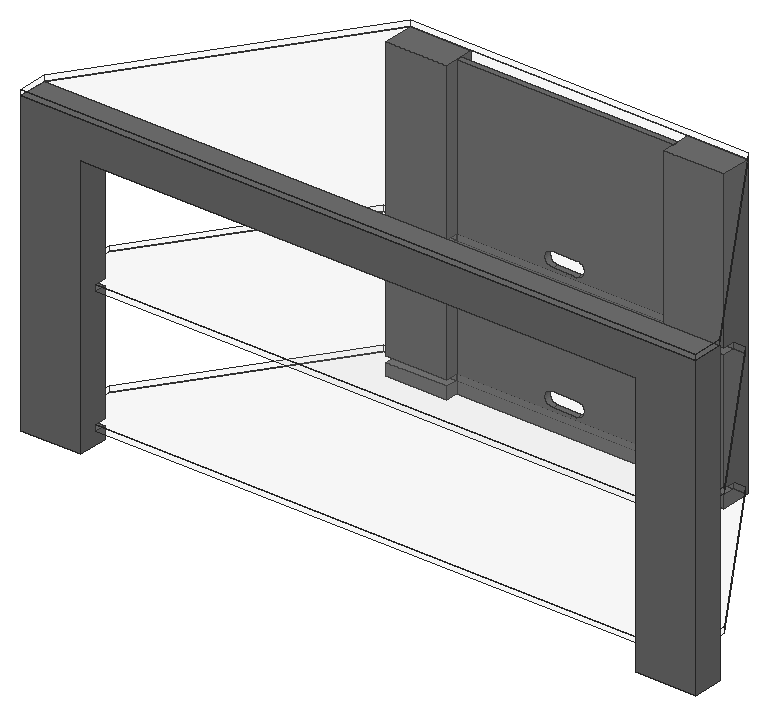
Revit family "revit-docs-family", category Furniture, Revit 2020
Family settings
  Work Plane-Based = No
  Always vertical = Yes
  Cut with Voids When Loaded = No
  Shared = No
  Room Calculation Point = No
Parameters
  Depth = 18"
  Width = 44"
  Height = 19 1/2"
  Finish = Melamine - Gray
  Default Elevation = 0"
Reference planes (in)
  plane 1 "Center (Front/Back)": y = 0
  plane 2: z = 0
  plane 3 "Center (Left/Right)": x = 4.92866
  plane 4: y = -18
  plane 5: x = -6.07134
  plane 6: x = 15.92866
  plane 7: x = -17.07134
  plane 8: x = 26.92866
  plane 9: z = 19.5
  plane 10: z = 8.9626
  plane 11: z = 0.7874
  plane 12: z = 17.1378
Forms (in)
  Extrusion 1, solid, material "Melamine - Gray" <- "Finish"
    sketch origin (58.50499, -18, 47.24409) x (1, 0, 0) y (0, 0, 1)
      loop
        line (-71.63932, -47.24409) -> (-71.63932, -30.1063) -> (-35.51334, -30.1063) -> (-35.51334, -47.24409) -> (-31.57633, -47.24409) -> (-31.57633, -27.74409) -> (-75.57633, -27.74409) -> (-75.57633, -47.24409) -> (-71.63932, -47.24409)
    from 0 to -1.9685
  Extrusion 2, solid, material "Melamine - Gray" <- "Finish"
    sketch origin (0, 0, 0) x (1, 0, 0) y (0, 1, 0)
      loop
        line (-6.07134, -1.9685) -> (-2.13433, -1.9685) -> (-2.13433, 0) -> (-6.07134, 0) -> (-6.07134, -1.9685)
      loop
        line (11.99165, -1.9685) -> (15.92866, -1.9685) -> (15.92866, 0) -> (11.99165, 0) -> (11.99165, -1.9685)
    from 0 to 19.5
  Extrusion 3, solid, material "Melamine - Gray"
    sketch origin (0, 0, 0) x (1, 0, 0) y (0, 0, 1)
      loop
        line (-2.13433, 0) -> (11.99165, 0) -> (11.99165, 19.5) -> (-2.13433, 19.5) -> (-2.13433, 0)
      loop
        line (4.14197, 9.55315) -> (5.71536, 9.55315)
        arc (5.71536, 9.55315) -> (6.20748, 10.04528) -> (5.71536, 10.5374) r 0.49213
        line (5.71536, 10.5374) -> (4.14197, 10.5374)
        arc (4.14197, 10.5374) -> (3.64984, 10.04528) -> (4.14197, 9.55315) r 0.49213
      loop
        line (4.14197, 1.37795) -> (5.71606, 1.37795)
        arc (5.71606, 1.37795) -> (6.20819, 1.87008) -> (5.71606, 2.3622) r 0.49213
        line (5.71606, 2.3622) -> (4.14197, 2.3622)
        arc (4.14197, 2.3622) -> (3.64984, 1.87008) -> (4.14197, 1.37795) r 0.49213
    from 0.7874 to 1.1811
  Extrusion 4, void
    sketch origin (47.21723, -60, 8.9626) x (-1, 0, 0) y (0, -1, 0)
      loop
        line (62.32006, -58.8189) -> (62.32006, -43.1811) -> (22.25707, -43.1811) -> (22.25707, -58.8189) -> (62.32006, -58.8189)
    from 0 to 0.3937
  Extrusion 5, solid, material "Glass - Shelves"
    sketch origin (47.21723, -60, 8.9626) x (0, -1, 0) y (-1, 0, 0)
      loop
        line (-58.8189, 54.09898) -> (-58.8189, 30.47815) -> (-46.83742, 22.25707) -> (-43.1811, 22.25707) -> (-43.1811, 62.32006) -> (-46.83742, 62.32006) -> (-58.8189, 54.09898)
    from 0 to -0.3937
  Extrusion 6, solid, material "Glass - Shelves"
    sketch origin (56.98226, -60, 19.5) x (0, -1, 0) y (-1, 0, 0)
      loop
        line (-60, 63.0536) -> (-60, 41.0536) -> (-43.9685, 30.0536) -> (-42, 30.0536) -> (-42, 74.0536) -> (-43.9685, 74.0536) -> (-60, 63.0536)
    from 0 to -0.3937
  Extrusion 7, void
    sketch origin (47.21723, -60, 0.7874) x (-1, 0, 0) y (0, -1, 0)
      loop
        line (62.32006, -58.8189) -> (62.32006, -43.1811) -> (22.25707, -43.1811) -> (22.25707, -58.8189) -> (62.32006, -58.8189)
    from 0 to 0.3937
  Extrusion 8, solid, material "Glass - Shelves"
    sketch origin (47.21723, -60, 0.7874) x (0, -1, 0) y (-1, 0, 0)
      loop
        line (-58.8189, 54.09898) -> (-58.8189, 30.47815) -> (-46.83742, 22.25707) -> (-43.1811, 22.25707) -> (-43.1811, 62.32006) -> (-46.83742, 62.32006) -> (-58.8189, 54.09898)
    from 0 to -0.3937
Cuts and joins
  Extrusion 4, Extrusion 7 cuts Extrusion 1
  Extrusion 4, Extrusion 7 cuts Extrusion 2
  Extrusion 7 cuts Extrusion 5
Lines and regions (in)
  model lines
    curve 1: line (-17.07134, -18, 19.5) -> (-13.13433, -18, 17.1378)
    curve 2: line (26.92866, -18, 19.5) -> (22.99165, -18, 17.1378)
Dimensions and locks (in)
  equal spacing: plane 7, plane 5, plane 3 "Center (Left/Right)", plane 6, plane 8
  "Width": plane 7 to plane 8
  locked: Extrusion 1 sketch curve to plane 7 at 3.93701
  locked: plane 8 to Extrusion 1 sketch curve at 3.93701
  locked: plane 9 to Extrusion 1 sketch curve at 2.3622
  locked: plane 5 to Extrusion 2 sketch curve at 3.93701
  locked: Extrusion 2 sketch curve to plane 6 at 3.93701
  locked: Extrusion 2 sketch curve to plane 1 "Center (Front/Back)" at 1.9685
  equal spacing: plane 12, plane 10, plane 11
  locked: plane 5 to Extrusion 3 sketch curve at 3.93701
  locked: Extrusion 3 sketch curve to plane 6 at 3.93701
  locked: plane 11 to plane 2 at 0.7874
  Extrusion 3 sketch curve to plane 3 "Center (Left/Right)" to Extrusion 3 sketch curve = 0.7867" locked, 0.7867" locked
  locked: Extrusion 3 sketch curve to plane 10 at 0.59055
  locked: Extrusion 3 sketch curve to Extrusion 3 sketch curve at 0.98425  (x2)
  locked: Extrusion 3 sketch curve to plane 11 at 0.59055
  Extrusion 3 sketch curve to plane 3 "Center (Left/Right)" to Extrusion 3 sketch curve = 0.7874" locked, 0.7867" locked
  locked: plane 9 to plane 12 at 2.3622
  locked: plane 4 to Extrusion 4 sketch curve at 1.1811
  locked: plane 7 to Extrusion 4 sketch curve at 1.9685
  locked: Extrusion 4 sketch curve to plane 8 at 1.9685
  locked: Extrusion 4 sketch curve to plane 1 "Center (Front/Back)" at 1.1811
  locked: Extrusion 5 sketch curve to plane 1 "Center (Front/Back)" at 1.1811
  locked: plane 4 to Extrusion 5 sketch curve at 1.1811
  locked: plane 7 to Extrusion 5 sketch curve at 1.9685
  locked: Extrusion 5 sketch curve to plane 8 at 1.9685
  locked: plane 4 to Extrusion 7 sketch curve at 1.1811
  locked: Extrusion 7 sketch curve to plane 1 "Center (Front/Back)" at 1.1811
  locked: plane 7 to Extrusion 7 sketch curve at 1.9685
  locked: Extrusion 7 sketch curve to plane 8 at 1.9685
  locked: plane 4 to Extrusion 8 sketch curve at 1.1811
  locked: Extrusion 8 sketch curve to plane 1 "Center (Front/Back)" at 1.1811
  locked: plane 7 to Extrusion 8 sketch curve at 1.9685
  locked: Extrusion 8 sketch curve to plane 8 at 1.9685
  "Height": plane 9 to plane 2
  "Depth": plane 4 to plane 1 "Center (Front/Back)"
  aligned and locked: plane 7 to Extrusion 1 sketch curve
  aligned and locked: plane 9 to Extrusion 1 sketch curve
  aligned and locked: Extrusion 1 sketch curve to plane 8
  aligned and locked: plane 2 to Extrusion 1 sketch curve  (x2)
  aligned and locked: Extrusion 2 sketch curve to Extrusion 2 sketch curve  (x2)
  aligned and locked: Extrusion 2 sketch curve to plane 1 "Center (Front/Back)"
  aligned and locked: plane 5 to Extrusion 2 sketch curve
  aligned and locked: Extrusion 2 sketch curve to plane 6
  aligned and locked: Extrusion 2 to plane 9
  aligned and locked: Extrusion 3 sketch curve to plane 9
  aligned and locked: Extrusion 3 sketch curve to plane 2
  aligned and locked: Extrusion 6 sketch curve to plane 4
  aligned and locked: plane 7 to Extrusion 6 sketch curve
  aligned and locked: plane 1 "Center (Front/Back)" to Extrusion 6 sketch curve
  aligned and locked: Extrusion 6 sketch curve to plane 8
  aligned and locked: Extrusion 6 to Extrusion 5 sketch curve  (x2)
  aligned and locked: Extrusion 6 to Extrusion 8 sketch curve  (x2)
Automatic sketch dimensions
  curve 1 to plane 7 = 0"
  curve 2 to plane 8 = 0"
  curve 2 to plane 9 = 0"
  curve 1 to plane 9 = 0"
  plane 7 to curve 1 = 3.93701"
  curve 2 to plane 8 = 3.93701"
  plane 9 to curve 2 = 2.3622"
  plane 9 to curve 1 = 2.3622"
  Extrusion 6 sketch curve to plane 5 = 0"
  Extrusion 6 sketch curve to plane 6 = 0"
  Extrusion 6 sketch curve to plane 4 = 1.9685"  (x2)
